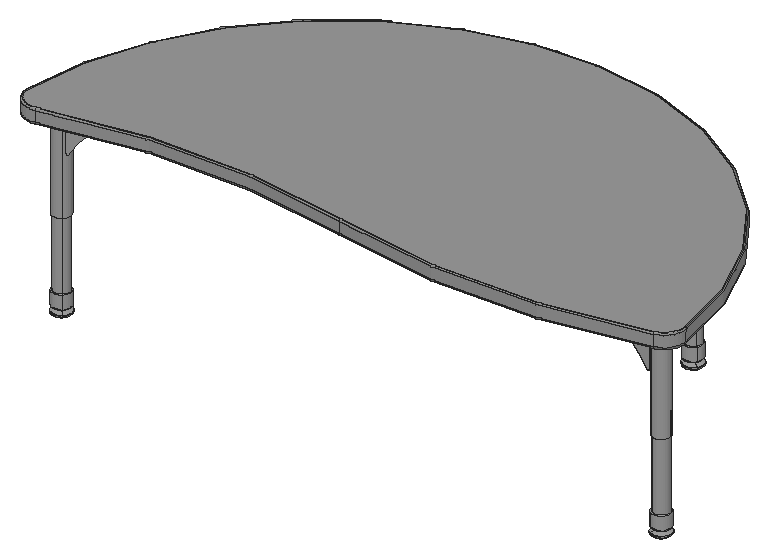
Revit family "Hierarchy Creator Half Round Table - Youth Height", category Furniture, Revit 2018
Family settings
  Work Plane-Based = No
  Always vertical = Yes
  Cut with Voids When Loaded = No
  Shared = No
  Room Calculation Point = No
Parameters
  Table Height = 1' - 4"
  Surface = Hierarchy Creator Half Round Table Youth Surface
  Leg Finish = Hierarchy Leg Platinum
  Edgeband = Hierarchy Creator Half Round Table Youth Edgeband
  Caster/Glide = Hierarchy Youth Leg - Glide : Hierarchy Youth Leg - Glide
Reference planes (in)
  plane 1 "Center (Front/Back)": y = 0
  plane 2: z = 0
  plane 3 "Center (Left/Right)": x = 0
  plane 4 "Table Height": z = 16
Dimensions and locks (in)
  "Table Height": plane 4 "Table Height" to level
  aligned and locked: plane 2 to level
  aligned and locked: nested 1 to plane 4 "Table Height"
Nested families (in)
  nested 1: "Creator Half Circle Tabletop" at (0, 0, -11.1417522), type "Creator Half Circle Tabletop"
  nested 2: "Hierarchy Youth Leg - Glide" at (-13.4182729, 11.2589245, 0) x (0.8755, 0.4833, 0) z (0, 0, 1), type <- "Caster/Glide", Leg Finish <- "Leg Finish", Leg Height <- "Table Height", type "Hierarchy Youth Leg - Glide"
    with Leg Height 1' - 4", Leg Finish Hierarchy Leg Platinum
  nested 3: "Hierarchy Youth Leg - Glide" at (-26.6744512, -10.3574362, 0) x (-0.7071, 0.7071, 0) z (0, 0, 1), Leg Finish <- "Leg Finish", Leg Height <- "Table Height", type "Hierarchy Youth Leg - Glide"
    with Leg Height 1' - 4", Leg Finish Hierarchy Leg Platinum
  nested 4: "Hierarchy Youth Leg - Glide" at (25.4066178, -8.7895954, 0) x (-0.4746, -0.8802, 0) z (0, 0, 1), Leg Finish <- "Leg Finish", Leg Height <- "Table Height", type "Hierarchy Youth Leg - Glide"
    with Leg Height 1' - 4", Leg Finish Hierarchy Leg Platinum
  nested 5: "Hierarchy Youth Leg - Glide" at (12.2019922, 11.2589245, 0) x (0.8755, -0.4833, 0) z (0, 0, 1), type <- "Caster/Glide", Leg Finish <- "Leg Finish", Leg Height <- "Table Height", type "Hierarchy Youth Leg - Glide"
    with Leg Height 1' - 4", Leg Finish Hierarchy Leg Platinum
Definition of nested family "Creator Half Circle Tabletop"
  Parameters (values of type "Creator Half Circle Tabletop")
    Surface = none
    Leg Finish = none
    Edgeband = none
  Reference planes (in)
    plane 1 "Center (Front/Back)": y = 0
    plane 2: z = 0
    plane 3 "Center (Left/Right)": x = 0
  Forms (in)
    Extrusion 1, solid, material <- "Surface"
      sketch origin (0, 25, 0) x (1, 0, 0) y (0, 1, 0)
        loop
          arc (-29.0328012, -36.1313963) -> (-28.3962445, -37.52084) -> (-26.9001698, -37.8331198) r 1.6949594
          arc (-26.9001698, -37.8331198) -> (-13.7764563, -35.8814433) -> (-0.5518813, -36.9545294) r 58.1675753
          arc (-0.5518813, -36.9545294) -> (13.0065994, -37.9980836) -> (26.4313092, -35.8304646) r 57.5369656
          arc (26.4313092, -35.8304646) -> (27.372725, -35.1432732) -> (27.6454918, -34.0100945) r 1.6902204
          arc (27.6454918, -34.0100945) -> (18.4487341, -16.1675147) -> (-0.2323556, -8.8221155) r 28.481814
          arc (-0.2323556, -8.8221155) -> (-20.1964424, -16.609089) -> (-29.0328012, -36.1313963) r 28.3942762
      from 27.1417522 to 28.3917532
    Sweep 2, solid, material <- "Edgeband"
      path in 3D
        loop
          arc (-0.5518813, -11.9545294, 28.3917532) -> (-13.7764563, -10.8814433, 28.3917532) -> (-26.9001698, -12.8331198, 28.3917532) r 58.1675753
          arc (-26.9001698, -12.8331198, 28.3917532) -> (-28.3962445, -12.52084, 28.3917532) -> (-29.0328012, -11.1313963, 28.3917532) r 1.6949594
          arc (-29.0328012, -11.1313963, 28.3917532) -> (-20.1964424, 8.390911, 28.3917532) -> (-0.2323556, 16.1778845, 28.3917532) r 28.3942762
          arc (-0.2323556, 16.1778845, 28.3917532) -> (18.4487341, 8.8324853, 28.3917532) -> (27.6454918, -9.0100945, 28.3917532) r 28.481814
          arc (27.6454918, -9.0100945, 28.3917532) -> (27.372725, -10.1432732, 28.3917532) -> (26.4313092, -10.8304646, 28.3917532) r 1.6902204
          arc (26.4313092, -10.8304646, 28.3917532) -> (13.0065994, -12.9980836, 28.3917532) -> (-0.5518813, -11.9545294, 28.3917532) r 57.5369656
      profile origin (13.0065994, -12.9980836, 28.3917532) x (0.041622, -0.999133, 0) y (0, 0, 1)
        loop
          arc (0, -1.250001) -> (0.0953745, -1.2104955) -> (0.13488, -1.115121) r 0.13488
          line (0.13488, -1.115121) -> (0.13488, -0.13488)
          arc (0.13488, -0.13488) -> (0.0953745, -0.0395054) -> (0, 0) r 0.13488
          line (0, 0) -> (0, -1.250001)
    Extrusion 3, solid, material <- "Leg Finish"
      sketch origin (0, 0, 0) x (1, 0, 0) y (0, 1, 0)
        loop
          line (21, -2.9296196) -> (-22.25, -2.9296196) -> (-22.25, -3.9296196) -> (21, -3.9296196) -> (21, -2.9296196)
      from 26.1417522 to 27.1417522
  Lines and regions (in)
    sketch lines
      curve 1: arc (26.4313092, -10.8304646, 28.3917532) -> (13.0065994, -12.9980836, 28.3917532) -> (-0.5518813, -11.9545294, 28.3917532) r 57.5369656
      curve 2: arc (-0.5518813, -11.9545294, 28.3917532) -> (-13.7764563, -10.8814433, 28.3917532) -> (-26.9001698, -12.8331198, 28.3917532) r 58.1675753
      curve 3: arc (-26.9001698, -12.8331198, 28.3917532) -> (-28.3962445, -12.52084, 28.3917532) -> (-29.0328012, -11.1313963, 28.3917532) r 1.6949594
      curve 4: arc (-29.0328012, -11.1313963, 28.3917532) -> (-20.1964424, 8.390911, 28.3917532) -> (-0.2323556, 16.1778845, 28.3917532) r 28.3942762
      curve 5: arc (-0.2323556, 16.1778845, 28.3917532) -> (18.4487341, 8.8324853, 28.3917532) -> (27.6454918, -9.0100945, 28.3917532) r 28.481814
      curve 6: arc (27.6454918, -9.0100945, 28.3917532) -> (27.372725, -10.1432732, 28.3917532) -> (26.4313092, -10.8304646, 28.3917532) r 1.6902204
  Dimensions and locks (in)
    aligned and locked: plane 2 to level
Definition of nested family "Hierarchy Youth Leg - Glide"
  Parameters (values of type "Hierarchy Youth Leg - Glide")
    Leg Finish [instance] = none
    Leg Height [instance] = 1' - 4.80117"
  Reference planes (in)
    plane 1 "Center (Front/Back)": y = 0
    plane 2: z = 0
    plane 3 "Center (Left/Right)": x = 0
  Forms (in)
    Extrusion 1, solid
      sketch origin (-0.015625, 0, 0) x (1, 0, 0) y (0, 1, 0)
        loop
          circle (0.015625, 0) r 0.6701606
      from 0.6761811 to 10.5501811
    Revolve 2, solid
      sketch origin (0, 0, 0) x (1, 0, 0) y (0, 0, 1)
        loop
          line (-0.7318851, 1.8011811) -> (-0.7943912, 1.7386749) -> (-0.7943912, 0.613811) -> (-0.7317613, 0.5511811) -> (-0.1250031, 0.5511811) -> (-0.1250031, 0.4261832) -> (-0.8465643, 0.1624109) -> (-0.8465643, 0.0899363) -> (-0.8135931, 0) -> (0, 0) -> (0, 1.8011811) -> (-0.7318851, 1.8011811)
        axis (0, 1.8011811) -> (0, 0)
      angle from 0 to 360
  Dimensions and locks (in)
    "Leg Height": nested 1 to level  (x2)
    aligned and locked: plane 2 to level
  Automatic sketch dimensions
    plane 1 "Center (Front/Back)" to Extrusion 1 sketch curve = 0' - 0"
    Extrusion 1 sketch curve to plane 3 "Center (Left/Right)" = 0' - 0"
    Revolve 2 sketch curve to level = 0' - 0"
    Revolve 2 sketch curve to plane 3 "Center (Left/Right)" = 0' - 0"  (x2)
    Revolve 2 sketch curve to plane 3 "Center (Left/Right)" = 0' - 0 1/8"
    Revolve 2 sketch curve to Revolve 2 sketch curve = 0' - 0.60676"
    Revolve 2 sketch curve to Revolve 2 sketch curve = 0' - 0.73189"
    Revolve 2 sketch curve to Revolve 2 sketch curve = 0' - 0.06263"  (x2)
    Revolve 2 sketch curve to Revolve 2 sketch curve = 0' - 0.08183"
    Revolve 2 sketch curve to Revolve 2 sketch curve = 0' - 0.03297"
    level to Revolve 2 sketch curve = 0' - 0.08994"
    Revolve 2 sketch curve to Revolve 2 sketch curve = 0' - 0.07247"
    level to Revolve 2 sketch curve = 0' - 0.42618"
    Revolve 2 sketch curve to Revolve 2 sketch curve = 0' - 0 1/8"
    Revolve 2 sketch curve to Revolve 2 sketch curve = 0' - 1.12486"
    Revolve 2 sketch curve to Revolve 2 sketch curve = 0' - 0 1/16"
    Revolve 2 sketch curve to level = 2' - 0"
    Revolve 2 sketch curve to Revolve 2 sketch curve = 8' - 4.91764"
    radius of Extrusion 1 sketch curve = 0' - 0.67016"
  Nested families (in)
    nested 1: "Hierarchy Youth Upper Leg 2023" at (0, 0, 0), Leg Finish <- "Leg Finish", type "Hierarchy Youth Upper Leg 2023"
      with Leg Finish none
  Definition of nested family "Hierarchy Youth Upper Leg 2023"
    Parameters (values of type "Hierarchy Youth Upper Leg 2023")
      Leg Finish [instance] = none
    Reference planes (in)
      plane 1 "Center (Front/Back)": y = 0
      plane 2: z = 0
      plane 3 "Center (Left/Right)": x = 0
    Forms (in)
      Extrusion 1, solid, material <- "Leg Finish"
        sketch origin (0, 0, -11.001) x (1, 0, 0) y (0, 1, 0)
          loop
            circle (0, 0) r 0.75
        from 19.6761811 to 27.6761811
      Extrusion 2, solid, material <- "Leg Finish"
        sketch origin (0, 0, -11.001) x (1, 0, 0) y (0, 1, 0)
          loop
            line (-1.7017431, 0.1918316) -> (-2.8862648, -2.2611586)
            arc (-2.8862648, -2.2611586) -> (-2.839928, -3.0982194) -> (-2.1062992, -3.503937) r 0.8661417
            line (-2.1062992, -3.503937) -> (2.1062992, -3.503937)
            arc (2.1062992, -3.503937) -> (2.839928, -3.0982194) -> (2.8862648, -2.2611586) r 0.8661417
            line (2.8862648, -2.2611586) -> (1.7017431, 0.1918316)
            arc (1.7017431, 0.1918316) -> (0, 1.2598425) -> (-1.7017431, 0.1918316) r 1.8897638
        from 27.6761811 to 27.8021654
      Extrusion 3, solid, material <- "Leg Finish"
        sketch origin (-1.4851906, 8.6652431, -11.001) x (-0.434844, 0.900506, 0) y (0, 0, 1)
          loop
            line (-9.014247, 27.6761811) -> (-11.8095226, 27.6761811)
            arc (-11.8095226, 27.6761811) -> (-11.9232546, 27.5899308) -> (-11.8708805, 27.4571489) r 0.1181102
            arc (-11.8708805, 27.4571489) -> (-10.3936377, 26.2967904) -> (-9.2332792, 24.8195476) r 7.8740157
            arc (-9.2332792, 24.8195476) -> (-9.1004973, 24.7671735) -> (-9.014247, 24.8809055) r 0.1181102
            line (-9.014247, 24.8809055) -> (-9.014247, 27.6761811)
        from -1.9407463 to -1.8147621
      Extrusion 4, solid, material <- "Leg Finish"
        sketch origin (1.4851906, 8.6652431, -11.001) x (0.434844, 0.900506, 0) y (0, 0, -1)
          loop
            line (-9.014247, -27.6761811) -> (-9.014247, -24.8809055)
            arc (-9.014247, -24.8809055) -> (-9.1004973, -24.7671735) -> (-9.2332792, -24.8195476) r 0.1181102
            arc (-9.2332792, -24.8195476) -> (-10.3936377, -26.2967904) -> (-11.8708805, -27.4571489) r 7.8740157
            arc (-11.8708805, -27.4571489) -> (-11.9232546, -27.5899308) -> (-11.8095226, -27.6761811) r 0.1181102
            line (-11.8095226, -27.6761811) -> (-9.014247, -27.6761811)
        from -1.9407463 to -1.8147621
    Dimensions and locks (in)
      aligned and locked: plane 2 to level
